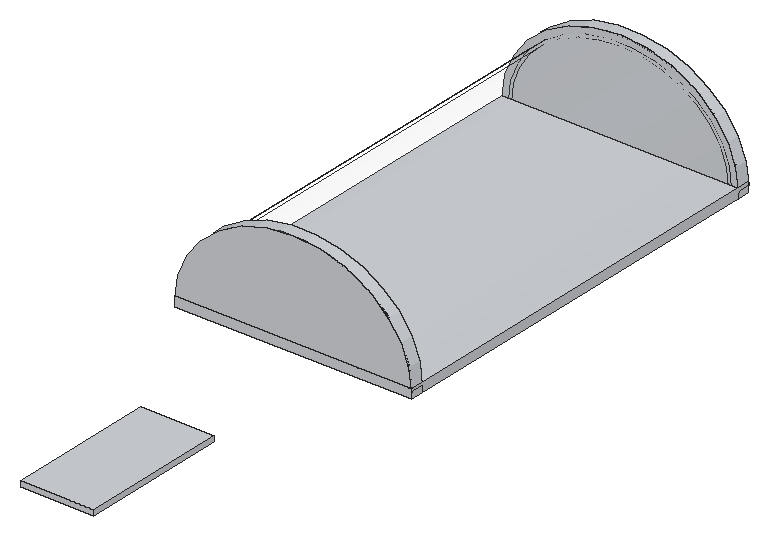
Revit family "Lighting-Surface-Teron-Guardian-LED2", category Lighting Fixtures, host Face, Revit 2014
Parameters (values of type "See Type Catalog")
  Width = 9"
  Wattage = 18 W
  built-in parameter 1150110 = 1 (stored number, unit not read)
  Voltage = 0 V
  URL = "http://teronlighting.com/"
  built-in parameter 1114217 = 1 (stored number, unit not read)
  Tilt Angle = 0.00°
  built-in parameter 1150109 = 1 (stored number, unit not read)
  built-in parameter 1150134 = 11
  built-in parameter 1150113 = 1 (stored number, unit not read)
  Shade Void Width = Shade Solid Width - 0.25"  # 8.25"
  Shade Void Height = Shade Solid Height - 0.125"  # 3.625"
  Shade Solid Width = Width - 0.5"  # 8.5"
  Shade Voide Height = Height - 0.375"  # 3.625"
  Shade Solid Height = Height - 0.25"  # 3.75"
  Product Page URL = "http://teronlighting.com/products/guardian-w-led/"
  Product Documentation Link = "http://35ce88c86d2ba5f3955c-18d6ce0dad087656504498556450364f.r15.cf1.rackcdn.com/wp-content/uploads/2014/04/Guardian-W-LED-2PG.pdf"
  Power Factor = 1
  Photometric Web File = "Guardian-W-F213QE.ies"
  Number of Poles = 1
  Model = "See Type Catalog"
  Manufacturer = "Teron Lighting Inc."
  built-in parameter 1150105 = 114.59 (stored number, unit not read)
  Lumens = 1440 lm
  built-in parameter 1150115 = 1 (stored number, unit not read)
  built-in parameter 1150137 = (empty or 0)
  built-in parameter 1150139 = (empty or 0)
  Lens Opening = 11.06"
  Length = 16"
  Lamp Quantity = "LED"
  Keynote = ""
  Height = 4"
  built-in parameter 1150112 = 1 (stored number, unit not read)
  built-in parameter 1150114 = 1 (stored number, unit not read)
  Lamp = "LED"
  built-in parameter 1150132 = (empty or 0)
  built-in parameter 1150102 = (empty or 0)
  built-in parameter 1150107 = 4150 (stored number, unit not read)
  built-in parameter 1150138 = (empty or 0)
  built-in parameter 1150106 = 1.1459 (stored number, unit not read)
  Finish Material = none
  Finish = "See Type Catalog"
  Emit from Rectangle Width = Width  # 9"
  Emit from Rectangle Length = Length  # 16"
  Emit Shape Visible in Rendering = no
  built-in parameter 1150104 = 7.4322 (stored number, unit not read)
  Driver = "See Type Catalog"
  Dimming Lamp Color Temperature Shift = <None>
  Description = "Sconce Light"
  Default Elevation = 48"
  Color Filter = 16777215
  built-in parameter 1114218 = 1 (stored number, unit not read)
  built-in parameter 1150133 = 10 (stored number, unit not read)
  Assembly Code = "D5020200"
  Apparent Load = 0 VA
  ADA Compliant = yes
Reference planes (in)
  plane 1 "Center (Front/Back)": x = -10.70287
  plane 2: z = 0
  plane 3 "Center (Left/Right)": y = 36.46104
  plane 4: y = 28.46104
  plane 5: y = 44.46104
Forms (in)
  Extrusion 1, solid
    sketch origin (0, 0, 0) x (1, 0, 0) y (0, 1, 0)
      loop
        line (-12.19173, 23.07851) -> (-12.19173, 17.35652) -> (-9.40696, 17.35652) -> (-9.40696, 23.07851) -> (-12.19173, 23.07851)
    from 0 to -0.21459
  Extrusion 2, solid, material <- "Finish Material"
    sketch origin (1.13288, 36.46104, 0.52827) x (-1, 0, 0) y (0, 0, 1)
      loop
        line (16.33576, -0.16312) -> (7.33576, -0.16312) -> (7.33576, -0.52827) -> (16.33576, -0.52827) -> (16.33576, -0.16312)
    from 8 to -8
  Sweep 3, solid, material <- "Finish Material"
    path origin (0, 0, 0) x (1, 0, 0) y (0, 1, 0)
      loop
        line (-10.70287, 44.46104) -> (-10.70287, 44.01104)
    profile "Teron Sconce : EndCaps" origin (-10.70287, 44.23604, 0) x (1, 0, 0) y (0, 0, 1)
      loop
        line (-4.5, 0) -> (4.5, 0) -> (4.5, 0.25)
        spline (4.5, 0.25) -> (4.34667, 1.22057) -> (3.89711, 2.125) -> (3.18198, 2.90165) -> (2.25, 3.4976) -> (1.16469, 3.87222) -> (0, 4) -> (-1.16469, 3.87222) -> (-2.25, 3.4976) -> (-3.18198, 2.90165) -> (-3.89711, 2.125) -> (-4.34667, 1.22057) -> (-4.5, 0.25)
        line (-4.5, 0.25) -> (-4.5, 0)
  Sweep 4, solid, material <- "Finish Material"
    path origin (0, -25, 0) x (1, 0, 0) y (0, 1, 0)
      loop
        line (-10.70287, 53.96104) -> (-10.70287, 53.46104)
    profile "Teron Sconce : EndCaps" origin (-10.70287, 28.71104, 0) x (1, 0, 0) y (0, 0, 1)
      loop
        line (-4.5, 0) -> (4.5, 0) -> (4.5, 0.25)
        spline (4.5, 0.25) -> (4.34667, 1.22057) -> (3.89711, 2.125) -> (3.18198, 2.90165) -> (2.25, 3.4976) -> (1.16469, 3.87222) -> (0, 4) -> (-1.16469, 3.87222) -> (-2.25, 3.4976) -> (-3.18198, 2.90165) -> (-3.89711, 2.125) -> (-4.34667, 1.22057) -> (-4.5, 0.25)
        line (-4.5, 0.25) -> (-4.5, 0)
  Sweep 5, solid, material "Plastic - Teron Lighting - Translucent"
    path origin (0, -3.25, 0) x (1, 0, 0) y (0, 1, 0)
      loop
        line (-10.70287, 47.26104) -> (-10.70287, 32.21104)
    profile "Teron Sconce : Shade" origin (-10.70287, 36.48604, 0) x (1, 0, 0) y (0, 0, 1)
      loop
        line (-4.25, 0) -> (4.25, 0) -> (4.25, 0.25)
        spline (4.25, 0.25) -> (4.10518, 1.15587) -> (3.68061, 2) -> (3.0052, 2.72487) -> (2.125, 3.28109) -> (1.09998, 3.63074) -> (0, 3.75) -> (-1.09998, 3.63074) -> (-2.125, 3.28109) -> (-3.0052, 2.72487) -> (-3.68061, 2) -> (-4.10518, 1.15587) -> (-4.25, 0.25)
        line (-4.25, 0.25) -> (-4.25, 0)
  Sweep 6, void
    path origin (0, 0, 0) x (1, 0, 0) y (0, 1, 0)
      loop
        line (-10.70287, 44.01104) -> (-10.70287, 28.96104)
    profile "Teron Sconce : Shade Void" origin (-10.70287, 36.48604, 0) x (1, 0, 0) y (0, 0, 1)
      loop
        line (-4.125, 0) -> (4.125, 0) -> (4.125, 0.25)
        spline (4.125, 0.25) -> (3.98444, 1.12351) -> (3.57235, 1.9375) -> (2.91682, 2.63649) -> (2.0625, 3.17284) -> (1.06763, 3.51) -> (0, 3.625) -> (-1.06763, 3.51) -> (-2.0625, 3.17284) -> (-2.91682, 2.63649) -> (-3.57235, 1.9375) -> (-3.98444, 1.12351) -> (-4.125, 0.25)
        line (-4.125, 0.25) -> (-4.125, 0)
Cuts and joins
  Sweep 6 cuts Sweep 3
  Sweep 6 cuts Sweep 4
  Sweep 6 cuts Sweep 5
Lines and regions (in)
  Split face 1
    outline origin (-10.70287, 28.96104, 0) x (-1, 0, 0) y (0, 0, 1)
      loop
        spline (4.1226, 0.36516) -> (3.95247, 1.21586) -> (3.52451, 2.00356) -> (2.86662, 2.67686) -> (2.02173, 3.19184) -> (1.04495, 3.51492) -> (0, 3.625) -> (-1.04495, 3.51492) -> (-2.02173, 3.19184) -> (-2.86662, 2.67686) -> (-3.52451, 2.00356) -> (-3.95247, 1.21586) -> (-4.1226, 0.36516)
        line (-4.1226, 0.36516) -> (4.1226, 0.36516)
  Split face 2
    outline origin (-10.70287, 44.01104, 0) x (0, 0, 1) y (-1, 0, 0)
      loop
        line (0.36516, 4.1226) -> (0.36516, -4.1226)
        spline (0.36516, -4.1226) -> (1.21586, -3.95247) -> (2.00356, -3.52451) -> (2.67686, -2.86662) -> (3.19184, -2.02173) -> (3.51492, -1.04495) -> (3.625, 0) -> (3.51492, 1.04495) -> (3.19184, 2.02173) -> (2.67686, 2.86662) -> (2.00356, 3.52451) -> (1.21586, 3.95247) -> (0.36516, 4.1226)
  Split face 3
    outline origin (-15.20287, 36.46104, 0.36516) x (1, 0, 0) y (0, 1, 0)
      loop
        line (0.25, 7.55) -> (0.25, -7.5) -> (8.75, -7.5) -> (8.75, 7.55) -> (0.25, 7.55)
Dimensions and locks (in)
  equal spacing: plane 4, plane 3 "Center (Left/Right)", plane 5
  "Length": plane 5 to plane 4
  equal spacing: Extrusion 2 sketch curve, plane 1 "Center (Front/Back)", Extrusion 2 sketch curve
  "Width": Extrusion 2 sketch curve to Extrusion 2 sketch curve
  locked: Extrusion 2 sketch curve to plane 2 at 0.36516
  plane 5 to Sweep 3 sketch curve = 0.45"
  Sweep 4 sketch curve to plane 4 = 0.5"
  locked: imposter light to plane 2 at 5.12903
  aligned and locked: plane 2 to Extrusion 1
  aligned and locked: level to Extrusion 1
  aligned and locked: Extrusion 2 sketch curve to plane 2
  aligned and locked: plane 5 to Extrusion 2
  aligned and locked: Extrusion 2 to plane 4
  aligned and locked: Sweep 3 sketch curve to plane 1 "Center (Front/Back)"
  aligned and locked: plane 5 to Sweep 3 sketch curve
  aligned and locked: plane 4 to Sweep 4 sketch curve
  aligned and locked: Sweep 3 to Sweep 5 sketch curve
  aligned and locked: Sweep 4 to Sweep 5 sketch curve
  aligned and locked: Sweep 6 sketch curve to plane 1 "Center (Front/Back)"
  aligned and locked: Sweep 3 to Sweep 6 sketch curve
  aligned and locked: Sweep 4 to Sweep 6 sketch curve
  aligned and locked: imposter light to plane 3 "Center (Left/Right)"
Automatic sketch dimensions
  Extrusion 1 sketch curve to Extrusion 1 sketch curve = 2.78478"
  Extrusion 1 sketch curve to Extrusion 1 sketch curve = 5.72199"
  Sweep 4 sketch curve to plane 1 "Center (Front/Back)" = 0"
  Sweep 5 sketch curve to plane 1 "Center (Front/Back)" = 0"
  Split face 1 sketch curve to cut or joined group of Sweep 4, Sweep 6 = 0.3774"
  Split face 1 sketch curve to cut or joined group of Sweep 4, Sweep 6 = 0.25"
  Split face 1 sketch curve to cut or joined group of Sweep 4, Sweep 6 = 0.375"
  Split face 1 sketch curve to cut or joined group of Sweep 4, Sweep 6 = 0.36516"
  Split face 1 sketch curve to Split face 1 sketch curve = 4.1226"
  Split face 2 sketch curve to cut or joined group of Sweep 3, Sweep 6 = 0.25"
  Split face 2 sketch curve to cut or joined group of Sweep 3, Sweep 6 = 0.36516"
  Split face 2 sketch curve to cut or joined group of Sweep 3, Sweep 6 = 0.3774"
  Split face 2 sketch curve to Split face 2 sketch curve = 0.0024"
  Split face 2 sketch curve to Split face 2 sketch curve = 4.1226"
  Split face 3 sketch curve to Extrusion 2 = 0.25"  (x2)
  Split face 3 sketch curve to Extrusion 2 = 0.5"
  Split face 3 sketch curve to Extrusion 2 = 0.45"
Connectors (in)
  electrical at (-10.70287, 36.46104, 0), driven by "Number of Poles", driven by "Voltage", driven by "Apparent Load", driven by "Power Factor"
    settings: on Extrusion 2, index 1, voltage 0 V, apparent load 0 VA, apparent load phase1 0 VA, apparent load phase2 0 VA, apparent load phase3 0 VA, power factor 1, load classification "Other", number of poles 1, system type 31, power factor state 1, is connector primary yes, connector utility no, sub classification motor no, connector description "Sconce Light"
